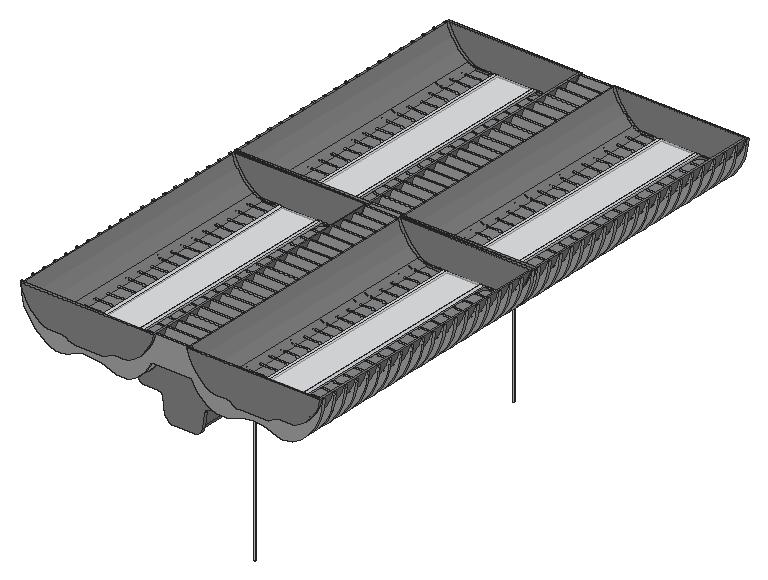
Revit family "0039269 Feilo Sylvania Lighting Fixtures SYLBAY LED 4000K 26KLM AISLE DALI", category Lighting Fixtures, host Face, Revit 2017
Family settings
  Host = Face
  Round Connector Dimension = Use Diameter
  Part Type = Normal
  OmniClass Number = 23.80.70.00
  OmniClass Title = Lighting
  Cut with Voids When Loaded = No
  Light Source = Yes
  Shared = No
  Room Calculation Point = No
Parameters (values of type "0039269 SYLBAY LED 4000K 26KLM AISLE DALI")
  WireRadius_FEILO = 1 mm
  Weight = "8.9 kg"
  Wattage Comments = "n/a"
  Wattage = 185 W
  WarrantyStartDate [instance] = "n/a"
  WarrantyGuarantorParts = "n/a"
  WarrantyDurationUnit = "n/a"
  WarrantyDurationParts = "n/a"
  WarrantyDescription = "n/a"
  built-in parameter 1150110 = 1 (stored number, unit not read)
  Voltage = 230 V
  URL = "http://www.sylvania-lighting.com"
  TypeName = "SYLBAY LED 4000K 26KLM AISLE DALI"
  Type Image = <None>
  Type Comments = "n/a"
  built-in parameter 1114217 = 1 (stored number, unit not read)
  Tilt Angle = -90.00°
  built-in parameter 1150109 = 1 (stored number, unit not read)
  built-in parameter 1150134 = 12
  SuspensionHeight_FEILO [instance] = if(SurfaceMounted_FEILO, 107 mm, SuspensionHeightEntry_FEILO)  # 300 mm
  SuspensionHeightEntry_FEILO [instance] = 300 mm
  SurfaceMounted_FEILO [instance] = no
  built-in parameter 1150113 = 1 (stored number, unit not read)
  SerialNumber [instance] = "n/a"
  ReflectorMaterial = none
  PowerFactor = 0
  PowerConsumption = "185 W"
  Photometric Web File = "0039269.ies"
  NominalLength = 650 mm
  NominalHeight = 105 mm
  NominalDepth = 375 mm
  Name = "SYLBAY LED 4000K 26KLM AISLE DALI"
  ModelReference = "SYLBAY LED 4000K 26KLM AISLE DALI"
  ModelNumber = "0039269"
  Model = "SYLBAY LED 4000K 26KLM AISLE DALI"
  Material = "aluminium housing"
  ManufacturerName = "Feilo Sylvania"
  Manufacturer = "Feilo Sylvania"
  LuminousEfficacy = "136.81 lm/W"
  built-in parameter 1150105 = 30980.9 (stored number, unit not read)
  Lumens = 25309.9 lm
  LuminaireType = ""
  built-in parameter 1150115 = 1 (stored number, unit not read)
  LightOutputRatio = "100"
  built-in parameter 1150137 = (empty or 0)
  built-in parameter 1150139 = (empty or 0)
  LampsType = Lamp  # "LED"
  LampNominalLuminous = "25446 lm"
  LampMacAdamStep = "n/a"
  LampColourTemperature = "4000 K"
  LampColourRenderingIndex = "80"
  built-in parameter 1150112 = 1 (stored number, unit not read)
  built-in parameter 1150114 = 1 (stored number, unit not read)
  Lamp = "LED"
  Keynote = "16500"
  InstallationDate [instance] = "n/a"
  InputVoltage = "220-240V~"
  InputNominalFrequency = "50/60 Hz"
  built-in parameter 1150132 = (empty or 0)
  built-in parameter 1150102 = (empty or 0)
  built-in parameter 1150107 = 4000 (stored number, unit not read)
  built-in parameter 1150138 = (empty or 0)
  IngressProtection = "IP65"
  ImpactProtectionIndex = "IK08"
  built-in parameter 1150106 = 309.81 (stored number, unit not read)
  IfcExportType = "IfcLightFixtureType"
  IfcExportAs = "IfcLightFixtureType"
  ExpectedLife = 50000
  Emit from Rectangle Width = 365 mm
  Emit from Rectangle Length = 645 mm
  Emit Shape Visible in Rendering = no
  ElectricShockClassification = "Class I"
  built-in parameter 1150104 = 12.71 (stored number, unit not read)
  DurationUnit = "hours"
  DocumentationLiterature = "http://www.sylvania-lighting.com/product/en-int/products/0039269"
  DimmingControlOptions = "Dimmable"
  Dimming Lamp Color Temperature Shift = <None>
  DiffuserMaterial = Diffuser-Sylvania-Sylbay-Transparent
  Description = "Specification industrial high bay luminaire, robust and durable, slim design, high output and efficiency, lightweight, aluminium housing with shatter-resistant polycarbonate lens optic, 25,500 lumens, 185W, 138lm/W, 4000K, 1400mA (x2), CRI 80, aisle beam optic, DALI dimmable, IP65, IK08, 100,000 hrs (L90B10), (LxWxH) 665x375x105mm, 3 step MacAdam ellipse, 8.9kg, aluminium finish, Class 1, 220-240V, integrated LED, energy class: A++, A+, A."
  Default Elevation = 1219.2 mm
  CreatedOn = "17/11/2017"
  CreatedBy = ""
  Cost = 0
  Color Filter = 16777215
  built-in parameter 1114216 [instance] = (empty or 0)
  BodyMaterial = Body-Sylvania-Sylbay-Aluminium
  BarCode [instance] = "n/a"
  built-in parameter 1114218 = 1 (stored number, unit not read)
  built-in parameter 1150133 = 10 (stored number, unit not read)
  AssetType = "Fixed"
  AssetIdentifier [instance] = "n/a"
  Assembly Code = "D5020200"
  Apparent Load = 185 VA
  AccessoryMaterial = Accesory-Sylvania-Sylbay-White
Reference planes
  plane 1 "Center (Front/Back)": y = 0
  plane 2: z = 0
  plane 3 "Center (Left/Right)": x = 0
  plane 4: z = 300
  plane 5: y = -307
  plane 6: y = 200
  plane 7: y = -200
  plane 8: z = 237.522
  plane 9: z = 246.272
  plane 10: z = 227.522
  plane 11: z = 266.272
  plane 12: z = 256.272
  plane 13: z = 262.272
  plane 14: y = 307
  plane 15: y = -1
  plane 16: y = 1
  plane 17: y = -310
  plane 18: y = 310
  plane 19: z = 195
  plane 20: z = 193
Forms (mm)
  Extrusion 1, solid, material "Accesory-Sylvania-Sylbay-White" <- "AccessoryMaterial"
    sketch origin (0, 0, 0) x (1, 0, 0) y (0, 0, 1)
      loop
        arc (-39.258, 246.272) -> (-44.534, 242.283) -> (-50.507, 239.445) r 32.519
        arc (-50.507, 239.445) -> (-54.463, 232.388) -> (-48, 227.522) r 6.147
        line (-48, 227.522) -> (-32.102, 227.522)
        arc (-32.102, 227.522) -> (-26.92, 225.616) -> (-24.206, 220.808) r 8
        line (-24.206, 220.808) -> (-21.094, 201.713)
        arc (-21.094, 201.713) -> (-18.38, 196.905) -> (-13.198, 195) r 8
        line (-13.198, 195) -> (13.198, 195)
        arc (13.198, 195) -> (18.393, 196.916) -> (21.099, 201.746) r 8
        line (21.099, 201.746) -> (24.206, 220.808)
        arc (24.206, 220.808) -> (26.92, 225.616) -> (32.102, 227.522) r 8
        line (32.102, 227.522) -> (48, 227.522)
        arc (48, 227.522) -> (54.463, 232.388) -> (50.507, 239.445) r 6.147
        arc (50.507, 239.445) -> (44.534, 242.283) -> (39.258, 246.272) r 32.519
        arc (39.258, 246.272) -> (31.199, 255.531) -> (25.254, 266.272) r 58.361
        line (25.254, 266.272) -> (-25.254, 266.272)
        arc (-25.254, 266.272) -> (-31.199, 255.531) -> (-39.258, 246.272) r 58.361
    from -307 to 307
  Extrusion 2, solid, material "Body-Sylvania-Sylbay-Aluminium" <- "BodyMaterial", detail levels medium+fine
    sketch origin (0, 0, 0) x (1, 0, 0) y (0, 0, 1)
      loop
        arc (-32.102, 225.522) -> (-28.215, 224.093) -> (-26.18, 220.487) r 6
        line (-26.18, 220.487) -> (-23.068, 201.392)
        arc (-23.068, 201.392) -> (-19.676, 195.381) -> (-13.198, 193) r 10
        line (-13.198, 193) -> (13.198, 193)
        arc (13.198, 193) -> (19.69, 195.393) -> (23.074, 201.428) r 10
        line (23.074, 201.428) -> (26.18, 220.487)
        arc (26.18, 220.487) -> (28.215, 224.093) -> (32.102, 225.522) r 6
        line (32.102, 225.522) -> (47.932, 225.522)
        arc (47.932, 225.522) -> (54.718, 228.451) -> (56.343, 235.661) r 8.147
        arc (56.343, 235.661) -> (55.292, 237.506) -> (53.445, 238.553) r 4
        arc (53.445, 238.553) -> (45.865, 241.518) -> (39.258, 246.272) r 32.519
        arc (39.258, 246.272) -> (32.89, 253.237) -> (27.728, 261.137) r 58.361
        arc (27.728, 261.137) -> (25.523, 263.429) -> (22.456, 264.272) r 6
        line (22.456, 264.272) -> (-22.456, 264.272)
        arc (-22.456, 264.272) -> (-25.523, 263.429) -> (-27.728, 261.137) r 6
        arc (-27.728, 261.137) -> (-32.89, 253.237) -> (-39.258, 246.272) r 58.361
        arc (-39.258, 246.272) -> (-45.865, 241.518) -> (-53.445, 238.553) r 32.519
        arc (-53.445, 238.553) -> (-55.292, 237.506) -> (-56.343, 235.661) r 4
        arc (-56.343, 235.661) -> (-54.718, 228.451) -> (-47.932, 225.522) r 8.147
        line (-47.932, 225.522) -> (-32.102, 225.522)
    from 307 to 310
  Extrusion 3, solid, detail levels medium+fine
    sketch origin (0, 0, 0) x (1, 0, 0) y (0, 0, 1)
      loop
        line (-47.932, 225.522) -> (-32.102, 225.522)
        arc (-32.102, 225.522) -> (-28.215, 224.093) -> (-26.18, 220.487) r 6
        line (-26.18, 220.487) -> (-23.068, 201.392)
        arc (-23.068, 201.392) -> (-19.676, 195.381) -> (-13.198, 193) r 10
        line (-13.198, 193) -> (13.198, 193)
        arc (13.198, 193) -> (19.69, 195.393) -> (23.074, 201.428) r 10
        line (23.074, 201.428) -> (26.18, 220.487)
        arc (26.18, 220.487) -> (28.215, 224.093) -> (32.102, 225.522) r 6
        line (32.102, 225.522) -> (47.932, 225.522)
        arc (47.932, 225.522) -> (54.718, 228.451) -> (56.343, 235.661) r 8.147
        arc (56.343, 235.661) -> (55.292, 237.506) -> (53.445, 238.553) r 4
        arc (53.445, 238.553) -> (45.865, 241.518) -> (39.258, 246.272) r 32.519
        arc (39.258, 246.272) -> (32.89, 253.237) -> (27.728, 261.137) r 58.361
        arc (27.728, 261.137) -> (25.523, 263.429) -> (22.456, 264.272) r 6
        line (22.456, 264.272) -> (-22.456, 264.272)
        arc (-22.456, 264.272) -> (-25.523, 263.429) -> (-27.728, 261.137) r 6
        arc (-27.728, 261.137) -> (-32.89, 253.237) -> (-39.258, 246.272) r 58.361
        arc (-39.258, 246.272) -> (-45.865, 241.518) -> (-53.445, 238.553) r 32.519
        arc (-53.445, 238.553) -> (-55.292, 237.506) -> (-56.343, 235.661) r 4
        arc (-56.343, 235.661) -> (-54.718, 228.451) -> (-47.932, 225.522) r 8.147
    from -310 to -307
  Extrusion 4, solid
    sketch origin (-316.531, -4572, 195) x (-1, 0, 0) y (0, -1, 0)
      loop
        circle (-316.531, -4772) r 1
      loop
        circle (-316.531, -4372) r 1
    from 0 to -195
Dimensions and locks
  "SuspensionHeight_FEILO": plane 4 to plane 2
  equal spacing: plane 7, plane 1 "Center (Front/Back)", plane 6
  locked: plane 1 "Center (Front/Back)" to plane 6 at 200
  locked: plane 4 to plane 8 at 62.478
  locked: plane 4 to plane 9 at 53.728
  plane 4 to plane 10 = 72.478 mm
  locked: plane 4 to plane 11 at 33.728
  locked: plane 12 to plane 9 at 10
  locked: plane 13 to plane 12 at 6
  locked: plane 3 "Center (Left/Right)" to Extrusion 1 sketch curve at 48.447
  locked: Extrusion 1 sketch curve to plane 3 "Center (Left/Right)" at 48.447
  locked: plane 4 to Extrusion 1 sketch curve at 66.347  (x2)
  Extrusion 1 sketch curve to plane 3 "Center (Left/Right)" to Extrusion 1 sketch curve = 13.198 mm locked, 13.198 mm locked
  Extrusion 1 sketch curve to plane 3 "Center (Left/Right)" to Extrusion 1 sketch curve = 32.102 mm locked, 32.102 mm locked
  locked: plane 4 to Extrusion 1 sketch curve at 97  (x2)
  locked: plane 4 to Extrusion 1 sketch curve at 80.478  (x2)
  equal spacing: plane 15, plane 1 "Center (Front/Back)", plane 16
  locked: plane 10 to Extrusion 2 sketch curve at 2
  plane 10 to Extrusion 2 sketch curve = 2 mm
  locked: Extrusion 2 sketch curve to Extrusion 1 at 2  (x2)
  locked: Extrusion 2 sketch curve to plane 3 "Center (Left/Right)" at 52.466
  locked: plane 3 "Center (Left/Right)" to Extrusion 2 sketch curve at 52.466
  locked: plane 4 to Extrusion 2 sketch curve at 65.325  (x2)
  locked: plane 4 to Extrusion 2 sketch curve at 41.728  (x2)
  locked: plane 3 "Center (Left/Right)" to Extrusion 2 sketch curve at 22.456
  locked: Extrusion 2 sketch curve to plane 3 "Center (Left/Right)" at 22.456
  locked: plane 4 to plane 19 at 105
  locked: plane 19 to plane 20 at 2
  locked: plane 1 "Center (Front/Back)" to plane 18 at 310
  locked: plane 14 to plane 18 at 3
  locked: plane 17 to plane 1 "Center (Front/Back)" at 310
  locked: plane 17 to plane 5 at 3
  locked: plane 15 to plane 1 "Center (Front/Back)" at 1
  "WireRadius_FEILO": radius of Extrusion 4 sketch curve  (x2)
  aligned and locked: plane 2 to host face
  aligned and locked: level to host face
  aligned and locked: plane 10 to Extrusion 1 sketch curve
  aligned and locked: plane 5 to Extrusion 1
  aligned and locked: Extrusion 1 to plane 14
  aligned and locked: imposter light to plane 4
  aligned and locked: plane 3 "Center (Left/Right)" to imposter light
  aligned and locked: plane 1 "Center (Front/Back)" to imposter light
  aligned and locked: plane 17 to Extrusion 2
  aligned and locked: Extrusion 2 to plane 5
  aligned and locked: Extrusion 3 sketch curve to Extrusion 2  (x15)
  aligned and locked: Extrusion 3 to Extrusion 1
  aligned and locked: Extrusion 3 to plane 18
  aligned and locked: Extrusion 1 sketch curve to plane 19
  aligned and locked: plane 7 to Extrusion 4 sketch curve
  aligned and locked: plane 3 "Center (Left/Right)" to Extrusion 4 sketch curve  (x2)
  aligned and locked: plane 6 to Extrusion 4 sketch curve
  aligned and locked: Extrusion 1 to Extrusion 4
  aligned and locked: Extrusion 4 to level
  aligned and locked: plane 20 to Extrusion 2 sketch curve
  aligned and locked: plane 3 "Center (Left/Right)" to nested 1
  aligned and locked: plane 3 "Center (Left/Right)" to nested 22
  aligned and locked: plane 15 to nested 22
  aligned and locked: plane 16 to nested 1
Automatic sketch dimensions
  host sketch curve to host sketch curve = 2438.4 mm  (x2)
  Extrusion 1 sketch curve to plane 9 = 0 mm  (x4)
  Extrusion 1 sketch curve to plane 10 = 0 mm
  plane 11 to Extrusion 1 sketch curve = 3.811 mm
  Extrusion 1 sketch curve to Extrusion 1 sketch curve = 36.151 mm  (x2)
  Extrusion 1 sketch curve to plane 4 = 10.994 mm  (x2)
  Extrusion 1 sketch curve to plane 11 = 0 mm
  plane 9 to Extrusion 1 sketch curve = 23.811 mm
  Extrusion 1 sketch curve to plane 10 = 6.713 mm  (x2)
  plane 19 to Extrusion 1 sketch curve = 6.713 mm
  Extrusion 3 sketch curve to plane 10 = 7.035 mm  (x2)
  plane 19 to Extrusion 3 sketch curve = 6.392 mm
  plane 19 to Extrusion 1 sketch curve = 6.746 mm
  plane 19 to Extrusion 3 sketch curve = 6.428 mm
  plane 3 "Center (Left/Right)" to Extrusion 1 sketch curve = 25.254 mm
  Extrusion 1 sketch curve to Extrusion 1 sketch curve = 0.447 mm  (x2)
  Extrusion 1 sketch curve to Extrusion 1 sketch curve = 12.959 mm
  Extrusion 2 sketch curve to plane 9 = 0 mm  (x4)
  plane 11 to Extrusion 2 sketch curve = 3.811 mm  (x2)
  Extrusion 2 sketch curve to Extrusion 2 sketch curve = 8.939 mm  (x2)
  Extrusion 2 sketch curve to plane 4 = 10.994 mm  (x2)
  Extrusion 2 sketch curve to Extrusion 2 sketch curve = 17.6 mm  (x2)
  Extrusion 2 sketch curve to Extrusion 2 sketch curve = 4.02 mm  (x2)
  Extrusion 2 sketch curve to Extrusion 2 sketch curve = 0.514 mm
  Extrusion 2 sketch curve to plane 10 = 8 mm
  Extrusion 2 sketch curve to plane 10 = 7.035 mm  (x2)
  plane 19 to Extrusion 2 sketch curve = 6.392 mm
  plane 19 to Extrusion 2 sketch curve = 8 mm
  plane 3 "Center (Left/Right)" to Extrusion 2 sketch curve = 13.198 mm
  plane 19 to Extrusion 2 sketch curve = 6.428 mm
  Extrusion 2 sketch curve to Extrusion 2 sketch curve = 5.922 mm
  Extrusion 2 sketch curve to Extrusion 2 sketch curve = 4.534 mm
  Extrusion 2 sketch curve to plane 8 = 3.869 mm  (x2)
  Extrusion 2 sketch curve to plane 11 = 2 mm
  Extrusion 2 sketch curve to Extrusion 2 sketch curve = 0 mm  (x2)
Nested families
  nested 1: "SylbayBody" at (0, 166, 266.272), type "SylbayBody"
  nested 2: "SlybayRib" at (0, 310.453, 300), type "SylbayRib"
  nested 3: "SlybayRib" at (0, 293.406, 300), type "SylbayRib"
  nested 4: "SlybayRib" at (0, 276.358, 300), type "SylbayRib"
  nested 5: "SlybayRib" at (0, 259.311, 300), type "SylbayRib"
  nested 6: "SlybayRib" at (0, 242.264, 300), type "SylbayRib"
  nested 7: "SlybayRib" at (0, 225.217, 300), type "SylbayRib"
  nested 8: "SlybayRib" at (0, 208.169, 300), type "SylbayRib"
  nested 9: "SlybayRib" at (0, 191.122, 300), type "SylbayRib"
  nested 10: "SlybayRib" at (0, 327.5, 300), type "SylbayRib"
  nested 11: "SlybayRib" at (0, 21.547, 300), type "SylbayRib"
  nested 12: "SlybayRib" at (0, 38.594, 300), type "SylbayRib"
  nested 13: "SlybayRib" at (0, 55.642, 300), type "SylbayRib"
  nested 14: "SlybayRib" at (0, 72.689, 300), type "SylbayRib"
  nested 15: "SlybayRib" at (0, 89.736, 300), type "SylbayRib"
  nested 16: "SlybayRib" at (0, 106.783, 300), type "SylbayRib"
  nested 17: "SlybayRib" at (0, 123.831, 300), type "SylbayRib"
  nested 18: "SlybayRib" at (0, 140.878, 300), type "SylbayRib"
  nested 19: "SlybayRib" at (0, 4.5, 300), type "SylbayRib"
  nested 20: "SlybayRib" at (0, 174.075, 300), type "SylbayRib"
  nested 21: "SlybayRib" at (0, 157.925, 300), type "SylbayRib"
  nested 22: "SylbayBody" at (0, -166, 266.272), type "SylbayBody"
  nested 23: "SlybayRib" at (0, -21.547, 300), type "SylbayRib"
  nested 24: "SlybayRib" at (0, -38.594, 300), type "SylbayRib"
  nested 25: "SlybayRib" at (0, -55.642, 300), type "SylbayRib"
  nested 26: "SlybayRib" at (0, -72.689, 300), type "SylbayRib"
  nested 27: "SlybayRib" at (0, -89.736, 300), type "SylbayRib"
  nested 28: "SlybayRib" at (0, -106.783, 300), type "SylbayRib"
  nested 29: "SlybayRib" at (0, -123.831, 300), type "SylbayRib"
  nested 30: "SlybayRib" at (0, -140.878, 300), type "SylbayRib"
  nested 31: "SlybayRib" at (0, -4.5, 300), type "SylbayRib"
  nested 32: "SlybayRib" at (0, -310.453, 300), type "SylbayRib"
  nested 33: "SlybayRib" at (0, -293.406, 300), type "SylbayRib"
  nested 34: "SlybayRib" at (0, -276.358, 300), type "SylbayRib"
  nested 35: "SlybayRib" at (0, -259.311, 300), type "SylbayRib"
  nested 36: "SlybayRib" at (0, -242.264, 300), type "SylbayRib"
  nested 37: "SlybayRib" at (0, -225.217, 300), type "SylbayRib"
  nested 38: "SlybayRib" at (0, -208.169, 300), type "SylbayRib"
  nested 39: "SlybayRib" at (0, -191.122, 300), type "SylbayRib"
  nested 40: "SlybayRib" at (0, -327.5, 300), type "SylbayRib"
  nested 41: "SlybayRib" at (0, -157.925, 300), type "SylbayRib"
  nested 42: "SlybayRib" at (0, -174.075, 300), type "SylbayRib"
Connectors
  electrical at (0, 0, 0), driven by "Apparent Load"
    settings: index 1, voltage 230 V, apparent load 185 VA, apparent load phase1 0 VA, apparent load phase2 0 VA, apparent load phase3 0 VA, power factor 0, load classification "Lighting", number of poles 1, system type 30, power factor state 1, is connector primary yes, connector utility no, sub classification motor no, connector description ""
Definition of nested family "SylbayBody"
  Parameters (values of type "SylbayBody")
    URL = "http://www.feilosylvania.com"
    Type Image = (empty or 0)
    Type Comments = "n/a"
    RibLast_FEILO = 161.5 mm
    RibDistance_FEILO = RibLast_FEILO / 10  # 16.15 mm
    ReflectorMaterial = none
    Model = ""
    Manufacturer = "Feilo Sylvania"
    Keynote = ""
    DiffuserMaterial = none
    Description = "n/a"
    Default Elevation = 1219.2 mm
    Cost = 0
    BodyMaterial = none
    Assembly Code = "D5020200"
    AccessoryMaterial = none
  Reference planes
    plane 1 "Center (Front/Back)": y = 0
    plane 2: z = 0
    plane 3 "Center (Left/Right)": x = 0
    plane 4: x = -187.5
    plane 5: x = 187.5
    plane 6: z = 33.728
    plane 7: y = -165
    plane 8: y = 165
    plane 9: y = -148
    plane 10: y = 160
    plane 11: y = -160
    plane 12: z = -28.75
    plane 13: z = -20
    plane 14: x = -102.75
    plane 15: x = 102.75
    plane 16: z = 0
    plane 17: x = -185.5
    plane 18: x = -20
    plane 19: z = -10
    plane 20: x = -122.75
    plane 21: x = -82.75
    plane 22: z = -4
    plane 23: x = -130.75
    plane 24: x = -74.75
    plane 25: x = -145.75
    plane 26: x = -59.75
    plane 27: x = -25.3
    plane 28: x = -183.5
    plane 29: x = -22
    plane 30: y = -163
    plane 31: y = 163
    plane 32: x = 25.3
    plane 33: x = -48
    plane 34: x = 48
    plane 35: x = 20
    plane 36: y = 148
    plane 37: y = -161.5
    plane 38: y = 161.5
    plane 39: y = -8.075
    plane 40: y = 8.075
    plane 41: y = -151
    plane 42: y = 151
    plane 43: y = 149
    plane 44: y = 152
    plane 45: z = -2
    plane 46: z = 0
  Forms (mm)
    Extrusion 1, solid
      sketch origin (4.2, 0, 0) x (1, 0, 0) y (0, 1, 0)
        loop
          line (-1219.2, 1219.2) -> (-1219.2, -1219.2) -> (1219.2, -1219.2) -> (1219.2, 1219.2) -> (-1219.2, 1219.2)
      from 0 to -304.8
    Extrusion 2, solid, material <- "BodyMaterial", detail levels coarse+medium
      sketch origin (0, 0, -234.25) x (1, 0, 0) y (0, 0, 1)
        loop
          arc (-187.5, 267.978) -> (-180.003, 237.85) -> (-159.829, 214.25) r 67.598
          arc (-159.829, 214.25) -> (-143.258, 206.411) -> (-125.169, 209.379) r 30.791
          arc (-125.169, 209.379) -> (-113.533, 213.402) -> (-101.25, 214.25) r 46.777
          arc (-101.25, 214.25) -> (-87.202, 212.214) -> (-73.664, 207.942) r 87.865
          arc (-73.664, 207.942) -> (-55.541, 206.076) -> (-39.258, 214.25) r 32.519
          arc (-39.258, 214.25) -> (-31.199, 223.509) -> (-25.254, 234.25) r 58.361
          line (-25.254, 234.25) -> (25.254, 234.25)
          arc (25.254, 234.25) -> (31.199, 223.509) -> (39.258, 214.25) r 58.361
          arc (39.258, 214.25) -> (55.541, 206.076) -> (73.664, 207.942) r 32.519
          arc (73.664, 207.942) -> (87.202, 212.214) -> (101.25, 214.25) r 87.865
          arc (101.25, 214.25) -> (113.533, 213.402) -> (125.169, 209.379) r 46.777
          arc (125.169, 209.379) -> (143.258, 206.411) -> (159.829, 214.25) r 30.791
          arc (159.829, 214.25) -> (180.003, 237.85) -> (187.5, 267.978) r 67.598
          line (187.5, 267.978) -> (185.5, 267.978)
          arc (185.5, 267.978) -> (176.042, 248.665) -> (160.084, 234.25) r 56.823
          arc (160.084, 234.25) -> (153.191, 231.269) -> (145.75, 230.25) r 27.682
          line (145.75, 230.25) -> (132.583, 230.25)
          arc (132.583, 230.25) -> (129.421, 229.737) -> (126.583, 228.25) r 10
          line (126.583, 228.25) -> (123.917, 226.25)
          arc (123.917, 226.25) -> (121.079, 224.763) -> (117.917, 224.25) r 10
          line (117.917, 224.25) -> (84.583, 224.25)
          arc (84.583, 224.25) -> (81.421, 224.763) -> (78.583, 226.25) r 10
          line (78.583, 226.25) -> (75.917, 228.25)
          arc (75.917, 228.25) -> (73.079, 229.737) -> (69.917, 230.25) r 10
          line (69.917, 230.25) -> (58.25, 230.25)
          arc (58.25, 230.25) -> (51.55, 231.273) -> (45.461, 234.25) r 22.443
          arc (45.461, 234.25) -> (30.027, 249.073) -> (20, 267.978) r 67.602
          line (20, 267.978) -> (-20, 267.978)
          arc (-20, 267.978) -> (-30.027, 249.073) -> (-45.461, 234.25) r 67.602
          arc (-45.461, 234.25) -> (-51.55, 231.273) -> (-58.25, 230.25) r 22.443
          line (-58.25, 230.25) -> (-69.917, 230.25)
          arc (-69.917, 230.25) -> (-73.079, 229.737) -> (-75.917, 228.25) r 10
          line (-75.917, 228.25) -> (-78.583, 226.25)
          arc (-78.583, 226.25) -> (-81.421, 224.763) -> (-84.583, 224.25) r 10
          line (-84.583, 224.25) -> (-117.917, 224.25)
          arc (-117.917, 224.25) -> (-121.079, 224.763) -> (-123.917, 226.25) r 10
          line (-123.917, 226.25) -> (-126.583, 228.25)
          arc (-126.583, 228.25) -> (-129.421, 229.737) -> (-132.583, 230.25) r 10
          line (-132.583, 230.25) -> (-145.75, 230.25)
          arc (-145.75, 230.25) -> (-153.191, 231.269) -> (-160.084, 234.25) r 27.682
          arc (-160.084, 234.25) -> (-176.042, 248.665) -> (-185.5, 267.978) r 56.823
          line (-185.5, 267.978) -> (-187.5, 267.978)
      from 160 to -160
    Extrusion 3, solid, material <- "BodyMaterial"
      sketch origin (0, 0, -234.25) x (1, 0, 0) y (0, 0, 1)
        loop
          arc (-145.75, 230.25) -> (-152.168, 231.276) -> (-157.947, 234.25) r 20.597
          arc (-157.947, 234.25) -> (-173.175, 249.257) -> (-183.5, 267.978) r 74.319
          line (-183.5, 267.978) -> (-185.5, 267.978)
          arc (-185.5, 267.978) -> (-176.042, 248.665) -> (-160.084, 234.25) r 56.823
          arc (-160.084, 234.25) -> (-153.191, 231.269) -> (-145.75, 230.25) r 27.682
        loop
          arc (-45.461, 234.25) -> (-30.027, 249.073) -> (-20, 267.978) r 67.602
          line (-20, 267.978) -> (-22, 267.978)
          arc (-22, 267.978) -> (-31.964, 249.398) -> (-46.63, 234.25) r 76.357
          arc (-46.63, 234.25) -> (-52.105, 231.278) -> (-58.25, 230.25) r 18.878
          arc (-58.25, 230.25) -> (-51.55, 231.273) -> (-45.461, 234.25) r 22.443
        loop
          arc (145.75, 230.25) -> (153.191, 231.269) -> (160.084, 234.25) r 27.682
          arc (160.084, 234.25) -> (176.042, 248.665) -> (185.5, 267.978) r 56.823
          line (185.5, 267.978) -> (183.5, 267.978)
          arc (183.5, 267.978) -> (173.175, 249.257) -> (157.947, 234.25) r 74.319
          arc (157.947, 234.25) -> (152.168, 231.276) -> (145.75, 230.25) r 20.597
        loop
          arc (45.461, 234.25) -> (51.55, 231.273) -> (58.25, 230.25) r 22.443
          arc (58.25, 230.25) -> (52.105, 231.278) -> (46.63, 234.25) r 18.878
          arc (46.63, 234.25) -> (31.964, 249.398) -> (22, 267.978) r 76.357
          line (22, 267.978) -> (20, 267.978)
          arc (20, 267.978) -> (30.027, 249.073) -> (45.461, 234.25) r 67.602
      from -160 to 160
    Extrusion 4, solid, material <- "BodyMaterial"
      sketch origin (0, -165, -843.85) x (0, 0, -1) y (1, 0, 0)
        loop
          arc (-837.85, -132.583) -> (-837.439, -130.054) -> (-836.25, -127.783) r 8
          line (-836.25, -127.783) -> (-834.25, -125.117)
          arc (-834.25, -125.117) -> (-832.466, -121.711) -> (-831.85, -117.917) r 12
          line (-831.85, -117.917) -> (-831.85, -84.583)
          arc (-831.85, -84.583) -> (-832.466, -80.789) -> (-834.25, -77.383) r 12
          line (-834.25, -77.383) -> (-836.25, -74.717)
          arc (-836.25, -74.717) -> (-837.439, -72.446) -> (-837.85, -69.917) r 8
          line (-837.85, -69.917) -> (-837.85, -58.25)
          arc (-837.85, -58.25) -> (-838.965, -50.953) -> (-842.206, -44.322) r 24.443
          arc (-842.206, -44.322) -> (-857.666, -28.923) -> (-877.578, -20) r 60.581
          line (-877.578, -20) -> (-877.578, -22)
          arc (-877.578, -22) -> (-858.998, -31.964) -> (-843.85, -46.63) r 76.357
          arc (-843.85, -46.63) -> (-840.878, -52.105) -> (-839.85, -58.25) r 18.878
          line (-839.85, -58.25) -> (-839.85, -69.917)
          arc (-839.85, -69.917) -> (-839.337, -73.079) -> (-837.85, -75.917) r 10
          line (-837.85, -75.917) -> (-835.85, -78.583)
          arc (-835.85, -78.583) -> (-834.363, -81.421) -> (-833.85, -84.583) r 10
          line (-833.85, -84.583) -> (-833.85, -117.917)
          arc (-833.85, -117.917) -> (-834.363, -121.079) -> (-835.85, -123.917) r 10
          line (-835.85, -123.917) -> (-837.85, -126.583)
          arc (-837.85, -126.583) -> (-839.337, -129.421) -> (-839.85, -132.583) r 10
          line (-839.85, -132.583) -> (-839.85, -145.75)
          arc (-839.85, -145.75) -> (-840.876, -152.168) -> (-843.85, -157.947) r 20.597
          arc (-843.85, -157.947) -> (-858.857, -173.175) -> (-877.578, -183.5) r 74.319
          line (-877.578, -183.5) -> (-877.578, -185.5)
          arc (-877.578, -185.5) -> (-857.235, -177.123) -> (-842.139, -161.119) r 52.287
          arc (-842.139, -161.119) -> (-838.942, -153.728) -> (-837.85, -145.75) r 29.682
          line (-837.85, -145.75) -> (-837.85, -132.583)
        loop
          line (-837.85, 132.583) -> (-837.85, 145.75)
          arc (-837.85, 145.75) -> (-838.942, 153.728) -> (-842.139, 161.119) r 29.682
          arc (-842.139, 161.119) -> (-857.235, 177.123) -> (-877.578, 185.5) r 52.287
          line (-877.578, 185.5) -> (-877.578, 183.5)
          arc (-877.578, 183.5) -> (-858.857, 173.175) -> (-843.85, 157.947) r 74.319
          arc (-843.85, 157.947) -> (-840.876, 152.168) -> (-839.85, 145.75) r 20.597
          line (-839.85, 145.75) -> (-839.85, 132.583)
          arc (-839.85, 132.583) -> (-839.337, 129.421) -> (-837.85, 126.583) r 10
          line (-837.85, 126.583) -> (-835.85, 123.917)
          arc (-835.85, 123.917) -> (-834.363, 121.079) -> (-833.85, 117.917) r 10
          line (-833.85, 117.917) -> (-833.85, 84.583)
          arc (-833.85, 84.583) -> (-834.363, 81.421) -> (-835.85, 78.583) r 10
          line (-835.85, 78.583) -> (-837.85, 75.917)
          arc (-837.85, 75.917) -> (-839.337, 73.079) -> (-839.85, 69.917) r 10
          line (-839.85, 69.917) -> (-839.85, 58.25)
          arc (-839.85, 58.25) -> (-840.878, 52.105) -> (-843.85, 46.63) r 18.878
          arc (-843.85, 46.63) -> (-858.998, 31.964) -> (-877.578, 22) r 76.357
          line (-877.578, 22) -> (-877.578, 20)
          arc (-877.578, 20) -> (-857.666, 28.923) -> (-842.206, 44.322) r 60.581
          arc (-842.206, 44.322) -> (-838.965, 50.953) -> (-837.85, 58.25) r 24.443
          line (-837.85, 58.25) -> (-837.85, 69.917)
          arc (-837.85, 69.917) -> (-837.439, 72.446) -> (-836.25, 74.717) r 8
          line (-836.25, 74.717) -> (-834.25, 77.383)
          arc (-834.25, 77.383) -> (-832.466, 80.789) -> (-831.85, 84.583) r 12
          line (-831.85, 84.583) -> (-831.85, 117.917)
          arc (-831.85, 117.917) -> (-832.466, 121.711) -> (-834.25, 125.117) r 12
          line (-834.25, 125.117) -> (-836.25, 127.783)
          arc (-836.25, 127.783) -> (-837.439, 130.054) -> (-837.85, 132.583) r 8
      from -2 to -5
    Extrusion 5, solid, material <- "BodyMaterial"
      sketch origin (0, 165, -843.85) x (0, 0, -1) y (1, 0, 0)
        loop
          line (-831.85, -117.917) -> (-831.85, -84.583)
          arc (-831.85, -84.583) -> (-832.466, -80.789) -> (-834.25, -77.383) r 12
          line (-834.25, -77.383) -> (-836.25, -74.717)
          arc (-836.25, -74.717) -> (-837.439, -72.446) -> (-837.85, -69.917) r 8
          line (-837.85, -69.917) -> (-837.85, -58.25)
          arc (-837.85, -58.25) -> (-838.965, -50.953) -> (-842.206, -44.322) r 24.443
          arc (-842.206, -44.322) -> (-857.666, -28.923) -> (-877.578, -20) r 60.581
          line (-877.578, -20) -> (-877.578, -22)
          arc (-877.578, -22) -> (-858.998, -31.964) -> (-843.85, -46.63) r 76.357
          arc (-843.85, -46.63) -> (-840.878, -52.105) -> (-839.85, -58.25) r 18.878
          line (-839.85, -58.25) -> (-839.85, -69.917)
          arc (-839.85, -69.917) -> (-839.337, -73.079) -> (-837.85, -75.917) r 10
          line (-837.85, -75.917) -> (-835.85, -78.583)
          arc (-835.85, -78.583) -> (-834.363, -81.421) -> (-833.85, -84.583) r 10
          line (-833.85, -84.583) -> (-833.85, -117.917)
          arc (-833.85, -117.917) -> (-834.363, -121.079) -> (-835.85, -123.917) r 10
          line (-835.85, -123.917) -> (-837.85, -126.583)
          arc (-837.85, -126.583) -> (-839.337, -129.421) -> (-839.85, -132.583) r 10
          line (-839.85, -132.583) -> (-839.85, -145.75)
          arc (-839.85, -145.75) -> (-840.876, -152.168) -> (-843.85, -157.947) r 20.597
          arc (-843.85, -157.947) -> (-858.857, -173.175) -> (-877.578, -183.5) r 74.319
          line (-877.578, -183.5) -> (-877.578, -185.5)
          arc (-877.578, -185.5) -> (-857.235, -177.123) -> (-842.139, -161.119) r 52.287
          arc (-842.139, -161.119) -> (-838.942, -153.728) -> (-837.85, -145.75) r 29.682
          line (-837.85, -145.75) -> (-837.85, -132.583)
          arc (-837.85, -132.583) -> (-837.439, -130.054) -> (-836.25, -127.783) r 8
          line (-836.25, -127.783) -> (-834.25, -125.117)
          arc (-834.25, -125.117) -> (-832.466, -121.711) -> (-831.85, -117.917) r 12
        loop
          line (-831.85, 84.583) -> (-831.85, 117.917)
          arc (-831.85, 117.917) -> (-832.466, 121.711) -> (-834.25, 125.117) r 12
          line (-834.25, 125.117) -> (-836.25, 127.783)
          arc (-836.25, 127.783) -> (-837.439, 130.054) -> (-837.85, 132.583) r 8
          line (-837.85, 132.583) -> (-837.85, 145.75)
          arc (-837.85, 145.75) -> (-838.942, 153.728) -> (-842.139, 161.119) r 29.682
          arc (-842.139, 161.119) -> (-857.235, 177.123) -> (-877.578, 185.5) r 52.287
          line (-877.578, 185.5) -> (-877.578, 183.5)
          arc (-877.578, 183.5) -> (-858.857, 173.175) -> (-843.85, 157.947) r 74.319
          arc (-843.85, 157.947) -> (-840.876, 152.168) -> (-839.85, 145.75) r 20.597
          line (-839.85, 145.75) -> (-839.85, 132.583)
          arc (-839.85, 132.583) -> (-839.337, 129.421) -> (-837.85, 126.583) r 10
          line (-837.85, 126.583) -> (-835.85, 123.917)
          arc (-835.85, 123.917) -> (-834.363, 121.079) -> (-833.85, 117.917) r 10
          line (-833.85, 117.917) -> (-833.85, 84.583)
          arc (-833.85, 84.583) -> (-834.363, 81.421) -> (-835.85, 78.583) r 10
          line (-835.85, 78.583) -> (-837.85, 75.917)
          arc (-837.85, 75.917) -> (-839.337, 73.079) -> (-839.85, 69.917) r 10
          line (-839.85, 69.917) -> (-839.85, 58.25)
          arc (-839.85, 58.25) -> (-840.878, 52.105) -> (-843.85, 46.63) r 18.878
          arc (-843.85, 46.63) -> (-858.998, 31.964) -> (-877.578, 22) r 76.357
          line (-877.578, 22) -> (-877.578, 20)
          arc (-877.578, 20) -> (-857.666, 28.923) -> (-842.206, 44.322) r 60.581
          arc (-842.206, 44.322) -> (-838.965, 50.953) -> (-837.85, 58.25) r 24.443
          line (-837.85, 58.25) -> (-837.85, 69.917)
          arc (-837.85, 69.917) -> (-837.439, 72.446) -> (-836.25, 74.717) r 8
          line (-836.25, 74.717) -> (-834.25, 77.383)
          arc (-834.25, 77.383) -> (-832.466, 80.789) -> (-831.85, 84.583) r 12
      from 2 to 5
    Extrusion 6, solid, material <- "BodyMaterial"
      sketch origin (0, 165, -843.85) x (0, 0, -1) y (1, 0, 0)
        loop
          arc (-842.206, -44.322) -> (-857.666, -28.923) -> (-877.578, -20) r 60.581
          line (-877.578, -20) -> (-877.578, -185.5)
          arc (-877.578, -185.5) -> (-857.235, -177.123) -> (-842.139, -161.119) r 52.287
          arc (-842.139, -161.119) -> (-838.942, -153.728) -> (-837.85, -145.75) r 29.682
          line (-837.85, -145.75) -> (-837.85, -132.583)
          arc (-837.85, -132.583) -> (-837.439, -130.054) -> (-836.25, -127.783) r 8
          line (-836.25, -127.783) -> (-834.25, -125.117)
          arc (-834.25, -125.117) -> (-832.466, -121.711) -> (-831.85, -117.917) r 12
          line (-831.85, -117.917) -> (-831.85, -84.583)
          arc (-831.85, -84.583) -> (-832.466, -80.789) -> (-834.25, -77.383) r 12
          line (-834.25, -77.383) -> (-836.25, -74.717)
          arc (-836.25, -74.717) -> (-837.439, -72.446) -> (-837.85, -69.917) r 8
          line (-837.85, -69.917) -> (-837.85, -58.25)
          arc (-837.85, -58.25) -> (-838.965, -50.953) -> (-842.206, -44.322) r 24.443
        loop
          arc (-877.578, 20) -> (-857.666, 28.923) -> (-842.206, 44.322) r 60.581
          arc (-842.206, 44.322) -> (-838.965, 50.953) -> (-837.85, 58.25) r 24.443
          line (-837.85, 58.25) -> (-837.85, 69.917)
          arc (-837.85, 69.917) -> (-837.439, 72.446) -> (-836.25, 74.717) r 8
          line (-836.25, 74.717) -> (-834.25, 77.383)
          arc (-834.25, 77.383) -> (-832.466, 80.789) -> (-831.85, 84.583) r 12
          line (-831.85, 84.583) -> (-831.85, 117.917)
          arc (-831.85, 117.917) -> (-832.466, 121.711) -> (-834.25, 125.117) r 12
          line (-834.25, 125.117) -> (-836.25, 127.783)
          arc (-836.25, 127.783) -> (-837.439, 130.054) -> (-837.85, 132.583) r 8
          line (-837.85, 132.583) -> (-837.85, 145.75)
          arc (-837.85, 145.75) -> (-838.942, 153.728) -> (-842.139, 161.119) r 29.682
          arc (-842.139, 161.119) -> (-857.235, 177.123) -> (-877.578, 185.5) r 52.287
          line (-877.578, 185.5) -> (-877.578, 20)
      from 0 to 2
    Extrusion 7, solid, material <- "BodyMaterial"
      sketch origin (0, -165, -843.85) x (0, 0, -1) y (1, 0, 0)
        loop
          line (-877.578, -20) -> (-877.578, -185.5)
          arc (-877.578, -185.5) -> (-857.235, -177.123) -> (-842.139, -161.119) r 52.287
          arc (-842.139, -161.119) -> (-838.942, -153.728) -> (-837.85, -145.75) r 29.682
          line (-837.85, -145.75) -> (-837.85, -132.583)
          arc (-837.85, -132.583) -> (-837.439, -130.054) -> (-836.25, -127.783) r 8
          line (-836.25, -127.783) -> (-834.25, -125.117)
          arc (-834.25, -125.117) -> (-832.466, -121.711) -> (-831.85, -117.917) r 12
          line (-831.85, -117.917) -> (-831.85, -84.583)
          arc (-831.85, -84.583) -> (-832.466, -80.789) -> (-834.25, -77.383) r 12
          line (-834.25, -77.383) -> (-836.25, -74.717)
          arc (-836.25, -74.717) -> (-837.439, -72.446) -> (-837.85, -69.917) r 8
          line (-837.85, -69.917) -> (-837.85, -58.25)
          arc (-837.85, -58.25) -> (-838.965, -50.953) -> (-842.206, -44.322) r 24.443
          arc (-842.206, -44.322) -> (-857.666, -28.923) -> (-877.578, -20) r 60.581
        loop
          line (-877.578, 185.5) -> (-877.578, 20)
          arc (-877.578, 20) -> (-857.666, 28.923) -> (-842.206, 44.322) r 60.581
          arc (-842.206, 44.322) -> (-838.965, 50.953) -> (-837.85, 58.25) r 24.443
          line (-837.85, 58.25) -> (-837.85, 69.917)
          arc (-837.85, 69.917) -> (-837.439, 72.446) -> (-836.25, 74.717) r 8
          line (-836.25, 74.717) -> (-834.25, 77.383)
          arc (-834.25, 77.383) -> (-832.466, 80.789) -> (-831.85, 84.583) r 12
          line (-831.85, 84.583) -> (-831.85, 117.917)
          arc (-831.85, 117.917) -> (-832.466, 121.711) -> (-834.25, 125.117) r 12
          line (-834.25, 125.117) -> (-836.25, 127.783)
          arc (-836.25, 127.783) -> (-837.439, 130.054) -> (-837.85, 132.583) r 8
          line (-837.85, 132.583) -> (-837.85, 145.75)
          arc (-837.85, 145.75) -> (-838.942, 153.728) -> (-842.139, 161.119) r 29.682
          arc (-842.139, 161.119) -> (-857.235, 177.123) -> (-877.578, 185.5) r 52.287
      from 0 to -2
    Extrusion 8, solid, detail levels medium+fine
      sketch origin (0, 0, -234.25) x (1, 0, 0) y (0, 0, 1)
        loop
          arc (-123.917, 226.25) -> (-121.079, 224.763) -> (-117.917, 224.25) r 10
          line (-117.917, 224.25) -> (-84.583, 224.25)
          arc (-84.583, 224.25) -> (-81.421, 224.763) -> (-78.583, 226.25) r 10
          line (-78.583, 226.25) -> (-75.917, 228.25)
          arc (-75.917, 228.25) -> (-75.417, 229.25) -> (-75.917, 230.25) r 1.25
          line (-75.917, 230.25) -> (-79.782, 230.25) -> (-79.782, 228.278) -> (-122.75, 228.278) -> (-122.75, 230.25) -> (-126.583, 230.25)
          arc (-126.583, 230.25) -> (-127.083, 229.25) -> (-126.583, 228.25) r 1.25
          line (-126.583, 228.25) -> (-123.917, 226.25)
        loop
          line (123.917, 226.25) -> (126.583, 228.25)
          arc (126.583, 228.25) -> (127.083, 229.25) -> (126.583, 230.25) r 1.25
          line (126.583, 230.25) -> (122.75, 230.25) -> (122.75, 228.278) -> (79.782, 228.278) -> (79.782, 230.25) -> (75.917, 230.25)
          arc (75.917, 230.25) -> (75.417, 229.25) -> (75.917, 228.25) r 1.25
          line (75.917, 228.25) -> (78.583, 226.25)
          arc (78.583, 226.25) -> (81.421, 224.763) -> (84.583, 224.25) r 10
          line (84.583, 224.25) -> (117.917, 224.25)
          arc (117.917, 224.25) -> (121.079, 224.763) -> (123.917, 226.25) r 10
      from -163 to 163
    Extrusion 9, solid, material <- "DiffuserMaterial", detail levels medium+fine
      sketch origin (0, 0, -234.25) x (1, 0, 0) y (0, 0, 1)
        loop
          line (-122.75, 230.25) -> (-122.75, 228.278) -> (-79.782, 228.278) -> (-79.782, 230.25) -> (-122.75, 230.25)
        loop
          line (79.782, 230.25) -> (79.782, 228.278) -> (122.75, 228.278) -> (122.75, 230.25) -> (79.782, 230.25)
      from -163 to 163
  Cuts and joins
    joined: Extrusion 3, Extrusion 4, Extrusion 5, Extrusion 6, Extrusion 7
  Dimensions and locks
    equal spacing: plane 5, plane 3 "Center (Left/Right)", plane 4
    locked: plane 5 to plane 4 at 375
    equal spacing: plane 7, plane 1 "Center (Front/Back)", plane 8
    locked: plane 7 to plane 8 at 330
    locked: plane 6 to plane 12 at 62.478
    locked: plane 6 to plane 13 at 53.728
    equal spacing: plane 15, plane 3 "Center (Left/Right)", plane 14
    plane 3 "Center (Left/Right)" to plane 14 = 102.75 mm
    locked: plane 6 to plane 16 at 33.728
    equal spacing: plane 18, plane 14, plane 17
    locked: plane 19 to plane 13 at 10
    equal spacing: plane 21, plane 14, plane 20
    locked: plane 14 to plane 20 at 20
    locked: plane 22 to plane 19 at 6
    equal spacing: plane 24, plane 14, plane 23
    locked: plane 20 to plane 23 at 8
    equal spacing: plane 26, plane 14, plane 25
    locked: plane 23 to plane 25 at 15
    locked: plane 18 to plane 27 at 5.3
    locked: plane 3 "Center (Left/Right)" to Extrusion 2 sketch curve at 83.982  (x2)
    locked: plane 3 "Center (Left/Right)" to Extrusion 2 sketch curve at 79.005  (x2)
    locked: plane 3 "Center (Left/Right)" to Extrusion 2 sketch curve at 119.907  (x2)
    locked: plane 3 "Center (Left/Right)" to Extrusion 2 sketch curve at 61.405  (x2)
    locked: plane 3 "Center (Left/Right)" to Extrusion 2 sketch curve at 138.973  (x2)
    locked: plane 3 "Center (Left/Right)" to Extrusion 2 sketch curve at 84.583  (x2)
    locked: plane 3 "Center (Left/Right)" to Extrusion 2 sketch curve at 117.917  (x2)
    locked: plane 3 "Center (Left/Right)" to Extrusion 2 sketch curve at 132.583  (x2)
    locked: plane 3 "Center (Left/Right)" to Extrusion 2 sketch curve at 69.917  (x2)
    locked: Extrusion 2 sketch curve to plane 6 at 21.825  (x2)
    locked: Extrusion 2 sketch curve to plane 6 at 0.822  (x2)
    locked: plane 6 to Extrusion 2 sketch curve at 10.994  (x2)
    locked: plane 6 to Extrusion 2 sketch curve at 15.285  (x2)
    locked: plane 6 to Extrusion 2 sketch curve at 31.076  (x2)
    locked: plane 6 to Extrusion 2 sketch curve at 33.728  (x4)
    locked: plane 6 to Extrusion 2 sketch curve at 29.917  (x2)
    locked: plane 6 to Extrusion 2 sketch curve at 47.728  (x4)
    locked: plane 6 to Extrusion 2 sketch curve at 100.413  (x2)
    locked: plane 6 to Extrusion 2 sketch curve at 141.419  (x2)
    locked: plane 3 "Center (Left/Right)" to Extrusion 2 sketch curve at 106.788  (x2)
    locked: plane 3 "Center (Left/Right)" to Extrusion 2 sketch curve at 104.198  (x2)
    locked: plane 3 "Center (Left/Right)" to Extrusion 2 sketch curve at 145.75  (x2)
    locked: plane 6 to Extrusion 2 sketch curve at 10.046  (x2)
    locked: Extrusion 2 sketch curve to plane 6 at 14.884  (x2)
    locked: plane 3 "Center (Left/Right)" to Extrusion 2 sketch curve at 130.661  (x2)
    equal spacing: plane 29, plane 14, plane 28
    locked: plane 28 to plane 17 at 2
    locked: plane 3 "Center (Left/Right)" to Extrusion 3 sketch curve at 58.25  (x2)
    locked: plane 3 "Center (Left/Right)" to Extrusion 3 sketch curve at 93.629  (x2)
    locked: plane 3 "Center (Left/Right)" to Extrusion 3 sketch curve at 113.936  (x2)
    locked: plane 3 "Center (Left/Right)" to Extrusion 3 sketch curve at 145.75  (x2)
    locked: plane 6 to Extrusion 3 sketch curve at 18.85  (x2)
    locked: plane 6 to Extrusion 3 sketch curve at 17.131  (x2)
    equal spacing: plane 11, plane 1 "Center (Front/Back)", plane 10
    plane 11 to plane 1 "Center (Front/Back)" = 160 mm
    equal spacing: plane 30, plane 1 "Center (Front/Back)", plane 31
    locked: plane 7 to plane 30 at 2
    locked: plane 22 to Extrusion 4 sketch curve at 2  (x4)
    locked: plane 19 to Extrusion 4 sketch curve at 2  (x2)
    locked: Extrusion 2 to Extrusion 4 sketch curve at 2  (x3)
    locked: Extrusion 4 sketch curve to Extrusion 2 at 2
    locked: Extrusion 8 sketch curve to plane 20 at 42.968
    locked: plane 22 to Extrusion 8 sketch curve at 1.972  (x2)
    locked: Extrusion 8 sketch curve to Extrusion 8 sketch curve at 42.968
    locked: plane 15 to Extrusion 8 sketch curve at 22.968
    equal spacing: plane 32, plane 3 "Center (Left/Right)", plane 27
    equal spacing: plane 34, plane 3 "Center (Left/Right)", plane 33
    plane 3 "Center (Left/Right)" to plane 33 = 48 mm
    equal spacing: plane 35, plane 3 "Center (Left/Right)", plane 18
    locked: plane 3 "Center (Left/Right)" to plane 18 at 20
    equal spacing: plane 9, plane 1 "Center (Front/Back)", plane 36
    locked: plane 9 to plane 1 "Center (Front/Back)" at 148
    equal spacing: plane 37, plane 1 "Center (Front/Back)", plane 38
    "RibLast_FEILO": plane 37 to plane 1 "Center (Front/Back)"
    equal spacing: plane 39, plane 1 "Center (Front/Back)", plane 40
    "RibDistance_FEILO": plane 39 to plane 40
    equal spacing: group 1, group 3, group 4, group 5, group 6, group 7, group 8, group 9, group 10, group 2  (x2)
    equal spacing: group 2, group 10, group 9, group 8, group 7, group 6, group 5, group 4, group 3, group 1
    equal spacing: group 11, group 13, group 14, group 15, group 16, group 17, group 18, group 19, group 20, group 12  (x3)
    equal spacing: plane 41, plane 1 "Center (Front/Back)", plane 42
    locked: plane 36 to plane 42 at 3
    locked: plane 36 to plane 43 at 1
    locked: plane 36 to plane 44 at 4
    locked: plane 16 to plane 45 at 2
    aligned and locked: plane 2 to Extrusion 1
    aligned and locked: level to Extrusion 1
    aligned and locked: plane 6 to Extrusion 2 sketch curve  (x2)
    aligned and locked: plane 4 to Extrusion 2 sketch curve
    aligned and locked: plane 22 to Extrusion 2 sketch curve
    aligned and locked: plane 19 to Extrusion 2 sketch curve
    aligned and locked: Extrusion 2 sketch curve to plane 22
    aligned and locked: plane 13 to Extrusion 2 sketch curve  (x3)
    aligned and locked: plane 11 to Extrusion 2
    aligned and locked: plane 17 to Extrusion 2 sketch curve
    aligned and locked: plane 25 to Extrusion 2 sketch curve
    aligned and locked: Extrusion 2 sketch curve to plane 6  (x3)
    aligned and locked: Extrusion 2 sketch curve to plane 16
    aligned and locked: Extrusion 3 sketch curve to Extrusion 2  (x5)
    aligned and locked: plane 16 to Extrusion 3 sketch curve
    aligned and locked: plane 28 to Extrusion 3 sketch curve
    aligned and locked: plane 6 to Extrusion 3 sketch curve  (x2)
    aligned and locked: plane 29 to Extrusion 3 sketch curve
    aligned and locked: Extrusion 3 sketch curve to plane 6  (x2)
    aligned and locked: Extrusion 2 to plane 10
    aligned and locked: Extrusion 3 to plane 10
    aligned and locked: plane 11 to Extrusion 3
    aligned and locked: Extrusion 4 sketch curve to Extrusion 3  (x6)
    aligned and locked: Extrusion 4 sketch curve to Extrusion 2  (x4)
    aligned and locked: Extrusion 4 to plane 11
    aligned and locked: Extrusion 5 sketch curve to Extrusion 4  (x36)
    aligned and locked: plane 10 to Extrusion 5
    aligned and locked: Extrusion 5 to plane 31
    aligned and locked: plane 30 to Extrusion 4
    aligned and locked: Extrusion 6 sketch curve to Extrusion 4  (x16)
    aligned and locked: Extrusion 6 sketch curve to Extrusion 2
    aligned and locked: Extrusion 6 sketch curve to Extrusion 3
    aligned and locked: plane 31 to Extrusion 6
    aligned and locked: Extrusion 6 to plane 8
    aligned and locked: Extrusion 7 sketch curve to Extrusion 6  (x18)
    aligned and locked: Extrusion 7 to plane 30
    aligned and locked: plane 7 to Extrusion 7
    aligned and locked: Extrusion 8 sketch curve to cut or joined group of Extrusion 3, Extrusion 4, Extrusion 5, Extrusion 6, Extrusion 7  (x3)
    aligned and locked: plane 22 to Extrusion 8 sketch curve  (x4)
    aligned and locked: Extrusion 8 sketch curve to plane 22  (x4)
    aligned and locked: plane 20 to Extrusion 8 sketch curve
    aligned and locked: Extrusion 8 to plane 31
    aligned and locked: plane 30 to Extrusion 8
    aligned and locked: Extrusion 9 sketch curve to Extrusion 8  (x8)
    aligned and locked: plane 30 to Extrusion 9
    aligned and locked: Extrusion 9 to plane 31
    aligned and locked: plane 3 "Center (Left/Right)" to nested 1
    aligned and locked: plane 39 to nested 1
    aligned and locked: plane 3 "Center (Left/Right)" to nested 2
    aligned and locked: plane 40 to nested 2
    aligned and locked: plane 2 to plane 46
    aligned and locked: plane 16 to level
  Automatic sketch dimensions
    Extrusion 1 sketch curve to Extrusion 1 sketch curve = 2438.4 mm  (x2)
    Extrusion 2 sketch curve to plane 16 = 0 mm  (x6)
    Extrusion 2 sketch curve to plane 13 = 0 mm  (x7)
    Extrusion 2 sketch curve to plane 35 = 0 mm
    Extrusion 2 sketch curve to plane 5 = 0 mm
    Extrusion 2 sketch curve to plane 19 = 0 mm
    Extrusion 2 sketch curve to plane 22 = 2 mm  (x3)
    Extrusion 2 sketch curve to plane 20 = 1.167 mm
    plane 19 to Extrusion 2 sketch curve = 2 mm  (x3)
    Extrusion 2 sketch curve to plane 24 = 1.167 mm
    Extrusion 3 sketch curve to plane 16 = 0 mm  (x11)
    Extrusion 3 sketch curve to plane 35 = 0 mm
    Extrusion 3 sketch curve to plane 22 = 0 mm  (x4)
    Extrusion 3 sketch curve to Extrusion 3 sketch curve = 9.647 mm
    Extrusion 3 sketch curve to Extrusion 3 sketch curve = 16.725 mm
    Extrusion 3 sketch curve to plane 5 = 2 mm
    Extrusion 4 sketch curve to Extrusion 4 sketch curve = 0 mm  (x13)
    Extrusion 4 sketch curve to plane 6 = 0 mm  (x2)
    Extrusion 4 sketch curve to plane 25 = 0 mm
    Extrusion 4 sketch curve to plane 16 = 0 mm  (x6)
    Extrusion 4 sketch curve to plane 22 = 0 mm  (x2)
    Extrusion 4 sketch curve to plane 19 = 0 mm
    Extrusion 4 sketch curve to plane 17 = 0 mm
    Extrusion 4 sketch curve to plane 18 = 0 mm
    Extrusion 4 sketch curve to plane 35 = 0 mm
    Extrusion 4 sketch curve to plane 15 = 9.121 mm
    plane 6 to Extrusion 4 sketch curve = 26.45 mm
    plane 15 to Extrusion 4 sketch curve = 11.186 mm
    Extrusion 4 sketch curve to Extrusion 4 sketch curve = 0.292 mm
    plane 6 to Extrusion 4 sketch curve = 14.412 mm  (x2)
    plane 21 to Extrusion 4 sketch curve = 3.909 mm
    Extrusion 4 sketch curve to plane 23 = 3.295 mm
    plane 6 to Extrusion 4 sketch curve = 9.292 mm  (x2)
    Extrusion 4 sketch curve to Extrusion 4 sketch curve = 7.085 mm  (x2)
    Extrusion 4 sketch curve to plane 6 = 10.046 mm
    plane 34 to Extrusion 4 sketch curve = 10.25 mm
    Extrusion 4 sketch curve to plane 6 = 15.285 mm
    plane 26 to Extrusion 4 sketch curve = 1.5 mm
    Extrusion 4 sketch curve to Extrusion 4 sketch curve = 3.565 mm  (x2)
    Extrusion 4 sketch curve to plane 22 = 2 mm  (x3)
    Extrusion 4 sketch curve to plane 24 = 1.167 mm
    Extrusion 4 sketch curve to Extrusion 4 sketch curve = 1.6 mm  (x3)
    plane 24 to Extrusion 4 sketch curve = 0.033 mm
    plane 19 to Extrusion 4 sketch curve = 2 mm  (x3)
    Extrusion 4 sketch curve to plane 20 = 1.167 mm
    plane 19 to Extrusion 4 sketch curve = 0.4 mm  (x4)
    Extrusion 4 sketch curve to plane 19 = 4 mm  (x2)
    Extrusion 4 sketch curve to Extrusion 4 sketch curve = 14.788 mm
    Extrusion 4 sketch curve to Extrusion 4 sketch curve = 20.109 mm
    Extrusion 4 sketch curve to plane 5 = 2 mm
    Extrusion 5 sketch curve to plane 22 = 2 mm  (x3)
    Extrusion 5 sketch curve to plane 24 = 1.167 mm
    Extrusion 5 sketch curve to Extrusion 5 sketch curve = 1.6 mm  (x3)
    plane 24 to Extrusion 5 sketch curve = 0.033 mm
    plane 19 to Extrusion 5 sketch curve = 2 mm  (x3)
    Extrusion 5 sketch curve to plane 20 = 1.167 mm
    plane 19 to Extrusion 5 sketch curve = 0.4 mm  (x4)
    plane 19 to Extrusion 6 sketch curve = 2.4 mm  (x3)
    plane 24 to Extrusion 6 sketch curve = 0.033 mm
    plane 19 to Extrusion 6 sketch curve = 0.4 mm  (x4)
    plane 19 to Extrusion 7 sketch curve = 2.4 mm  (x3)
    plane 24 to Extrusion 7 sketch curve = 0.033 mm
    plane 19 to Extrusion 7 sketch curve = 0.4 mm  (x4)
    Extrusion 8 sketch curve to plane 19 = 0 mm
    Extrusion 8 sketch curve to plane 16 = 0 mm  (x2)
    Extrusion 8 sketch curve to plane 20 = 1.167 mm
    Extrusion 8 sketch curve to plane 22 = 1 mm  (x3)
    Extrusion 8 sketch curve to plane 20 = 3.083 mm
    Extrusion 8 sketch curve to Extrusion 8 sketch curve = 0.75 mm  (x4)
    Extrusion 8 sketch curve to plane 22 = 2 mm  (x3)
    plane 19 to Extrusion 8 sketch curve = 2 mm  (x3)
    Extrusion 8 sketch curve to plane 24 = 1.167 mm
    Extrusion 8 sketch curve to Extrusion 8 sketch curve = 3.865 mm
    Extrusion 8 sketch curve to Extrusion 8 sketch curve = 0 mm
    Extrusion 8 sketch curve to Extrusion 8 sketch curve = 1.198 mm
    Extrusion 8 sketch curve to Extrusion 8 sketch curve = 4.833 mm
    Extrusion 8 sketch curve to Extrusion 8 sketch curve = 3.083 mm
  Nested families
    nested 1: "SlybayRib" at (0, -8.075, 33.728), type "SylbayRib", detail levels fine
    nested 2: "SlybayRib" at (0, 8.075, 33.728), type "SylbayRib", detail levels fine
    nested 3: "SlybayRib" at (0, -161.5, 33.728), type "SylbayRib", detail levels fine
    nested 4: "SlybayRib" at (0, -25.122, 33.728), type "SylbayRib", detail levels fine
    nested 5: "SlybayRib" at (0, -42.169, 33.728), type "SylbayRib", detail levels fine
    nested 6: "SlybayRib" at (0, -59.217, 33.728), type "SylbayRib", detail levels fine
    nested 7: "SlybayRib" at (0, -76.264, 33.728), type "SylbayRib", detail levels fine
    nested 8: "SlybayRib" at (0, -93.311, 33.728), type "SylbayRib", detail levels fine
    nested 9: "SlybayRib" at (0, -110.358, 33.728), type "SylbayRib", detail levels fine
    nested 10: "SlybayRib" at (0, -127.406, 33.728), type "SylbayRib", detail levels fine
    nested 11: "SlybayRib" at (0, -144.453, 33.728), type "SylbayRib", detail levels fine
    nested 12: "SlybayRib" at (0, 161.5, 33.728), type "SylbayRib", detail levels fine
    nested 13: "SlybayRib" at (0, 25.122, 33.728), type "SylbayRib", detail levels fine
    nested 14: "SlybayRib" at (0, 42.169, 33.728), type "SylbayRib", detail levels fine
    nested 15: "SlybayRib" at (0, 59.217, 33.728), type "SylbayRib", detail levels fine
    nested 16: "SlybayRib" at (0, 76.264, 33.728), type "SylbayRib", detail levels fine
    nested 17: "SlybayRib" at (0, 93.311, 33.728), type "SylbayRib", detail levels fine
    nested 18: "SlybayRib" at (0, 110.358, 33.728), type "SylbayRib", detail levels fine
    nested 19: "SlybayRib" at (0, 127.406, 33.728), type "SylbayRib", detail levels fine
    nested 20: "SlybayRib" at (0, 144.453, 33.728), type "SylbayRib", detail levels fine
  Connectors
    electrical at (0, 0, 0)
      settings: index 1, voltage 230 V, apparent load 145 VA, apparent load phase1 0 VA, apparent load phase2 0 VA, apparent load phase3 0 VA, power factor 0, load classification none, number of poles 1, system type 30, power factor state 1, is connector primary yes, connector utility no, sub classification motor no, connector description ""
  Definition of nested family "SlybayRib"
    Parameters (values of type "SylbayRib")
      URL = "http://www.feilosylvania.com"
      Type Image = (empty or 0)
      Type Comments = "n/a"
      RibThickness_FEILO = 2.5 mm
      RibExtrusionStart_FEILO = RibThickness_FEILO / 2  # 1.25 mm
      RibExtrusionEnd_FEILO = -RibThickness_FEILO / 2  # -1.25 mm
      RibDistance_FEILO = 0 mm
      Model = ""
      Manufacturer = "Feilo Sylvania"
      Keynote = ""
      Description = "n/a"
      Default Elevation = 1219.2 mm
      Cost = 0
      BodyMaterial = none
      Assembly Code = ""
    Reference planes
      plane 1 "Center (Front/Back)": y = 0
      plane 2: z = 0
      plane 3 "Center (Left/Right)": x = 0
      plane 4: x = -187.5
      plane 5: x = 187.5
      plane 6: z = 0
      plane 7: z = -62.478
      plane 8: z = -53.728
      plane 9: x = -102.75
      plane 10: x = 102.75
      plane 11: z = -33.728
      plane 12: x = -185.5
      plane 13: x = -20
      plane 14: z = -43.728
      plane 15: x = -122.75
      plane 16: x = -82.75
      plane 17: z = -37.728
      plane 18: x = -130.75
      plane 19: x = -74.75
      plane 20: x = -145.75
      plane 21: x = -59.75
      plane 22: x = -25.3
    Forms (mm)
      Extrusion 1, solid
        sketch origin (4.2, 0, 0) x (1, 0, 0) y (0, 1, 0)
          loop
            line (-1219.2, 1219.2) -> (-1219.2, -1219.2) -> (1219.2, -1219.2) -> (1219.2, 1219.2) -> (-1219.2, 1219.2)
        from 0 to -304.8
      Extrusion 2, solid, material <- "BodyMaterial"
        sketch origin (0, 0, 0) x (1, 0, 0) y (0, 0, 1)
          loop
            arc (-187.5, 0) -> (-180.003, -30.129) -> (-159.829, -53.728) r 67.598
            arc (-159.829, -53.728) -> (-143.258, -61.567) -> (-125.169, -58.599) r 30.791
            arc (-125.169, -58.599) -> (-113.533, -54.576) -> (-101.25, -53.728) r 46.777
            arc (-101.25, -53.728) -> (-87.202, -55.765) -> (-73.664, -60.037) r 87.865
            arc (-73.664, -60.037) -> (-55.541, -61.903) -> (-39.258, -53.728) r 32.519
            arc (-39.258, -53.728) -> (-31.199, -44.469) -> (-25.254, -33.728) r 58.361
            line (-25.254, -33.728) -> (25.254, -33.728)
            arc (25.254, -33.728) -> (31.199, -44.469) -> (39.258, -53.728) r 58.361
            arc (39.258, -53.728) -> (55.541, -61.903) -> (73.664, -60.037) r 32.519
            arc (73.664, -60.037) -> (87.202, -55.765) -> (101.25, -53.728) r 87.865
            arc (101.25, -53.728) -> (113.533, -54.576) -> (125.169, -58.599) r 46.777
            arc (125.169, -58.599) -> (143.258, -61.567) -> (159.829, -53.728) r 30.791
            arc (159.829, -53.728) -> (180.003, -30.129) -> (187.5, 0) r 67.598
            line (187.5, 0) -> (185.5, 0)
            arc (185.5, 0) -> (176.046, -19.314) -> (160.088, -33.728) r 56.788
            arc (160.088, -33.728) -> (153.193, -36.71) -> (145.75, -37.728) r 27.697
            line (145.75, -37.728) -> (132.583, -37.728)
            arc (132.583, -37.728) -> (129.421, -38.242) -> (126.583, -39.728) r 10
            line (126.583, -39.728) -> (123.917, -41.728)
            arc (123.917, -41.728) -> (121.079, -43.215) -> (117.917, -43.728) r 10
            line (117.917, -43.728) -> (84.583, -43.728)
            arc (84.583, -43.728) -> (81.421, -43.215) -> (78.583, -41.728) r 10
            line (78.583, -41.728) -> (75.917, -39.728)
            arc (75.917, -39.728) -> (73.079, -38.242) -> (69.917, -37.728) r 10
            line (69.917, -37.728) -> (58.25, -37.728)
            arc (58.25, -37.728) -> (51.55, -36.705) -> (45.461, -33.728) r 22.443
            arc (45.461, -33.728) -> (30.027, -18.905) -> (20, 0) r 67.602
            line (20, 0) -> (-20, 0)
            arc (-20, 0) -> (-30.027, -18.905) -> (-45.461, -33.728) r 67.602
            arc (-45.461, -33.728) -> (-51.55, -36.705) -> (-58.25, -37.728) r 22.443
            line (-58.25, -37.728) -> (-69.917, -37.728)
            arc (-69.917, -37.728) -> (-73.079, -38.242) -> (-75.917, -39.728) r 10
            line (-75.917, -39.728) -> (-78.583, -41.728)
            arc (-78.583, -41.728) -> (-81.421, -43.215) -> (-84.583, -43.728) r 10
            line (-84.583, -43.728) -> (-117.917, -43.728)
